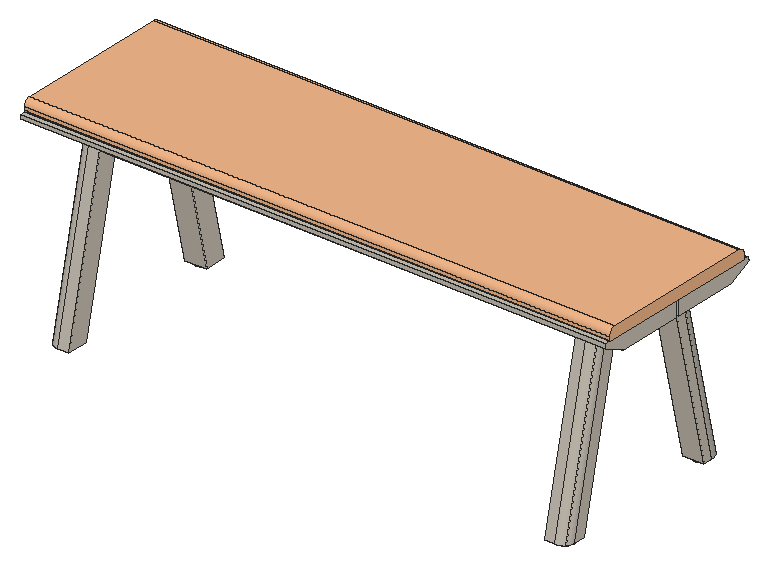
Revit family "Haworth_BuzziPicNic_Bench", category Furniture, Revit 2018
Family settings
  OmniClass Number = 23.40.20.00
  OmniClass Title = General Furniture and Specialties
  Work Plane-Based = No
  Always vertical = Yes
  Cut with Voids When Loaded = No
  Shared = No
  Room Calculation Point = No
Parameters (values of type "HCBZ-PNB2-W")
  Warranty = "http://www.haworth.com/resources/product-info/warranties"
  Upholstery Finish [instance] = Haworth _ Fabric _ Trevira CS _ Yellow BCS-3008
  URL - Product = "https://www.haworth.com/products/seating/lounge-sofas-benches/buzzipicnic"
  URL = "http://www.haworth.com/our-brands/haworth-collection"
  Small = no
  Revision = "1"  # constant formula
  Note = "Verify Final Dim. w/ Haworth"  # constant formula
  Model = "HCBZ-PNB"  # constant formula
  Manufacturer = "Haworth"  # constant formula
  Large = not(Small)  # yes
  Keynote = ""
  Glide Finish = Haworth _ Polymer _ Black
  Description = "Haworth BuzziPicNic - Large Bench"
  Cushion = yes
  Base Finish [instance] = Haworth _ Wood _ Natural Ash BAS-NAT
  Author = "Haworth (Abd Rahman)"  # constant formula
  Assembly Code = "E2020200"
  Actual Width = if(Small, 45 169/256", 53 69/128")  # 53 69/128"
  Actual Height = 17 77/128"  # constant formula
  Actual Depth = 17 205/256"  # constant formula
Types (3): name | Small | Large | Description | Actual Width
  (no name) | no | yes | "Haworth BuzziPicNic - Large Bench" | 53 69/128"
  HCBZ-PNB1-W | yes | no | "Haworth BuzziPicNic - Small Bench" | 45 169/256"
  HCBZ-PNB2-W | no | yes | "Haworth BuzziPicNic - Large Bench" | 53 69/128"
Reference planes (in)
  plane 1 "Center Front/Back": y = 0
  plane 2: z = 0
  plane 3 "Center Left/Right": x = 20.90998
  plane 4 "Back": y = 8.90039
  plane 5 "Front": y = -8.90039
  plane 6: x = 47.67951
  plane 7: x = -5.85955
  plane 8: z = 17.60156
  plane 9: z = 0.11905
  plane 10: z = 16.2518
  plane 11: z = 14.94323
  plane 12: x = 42.6806
  plane 13: x = -0.85955
  plane 14: x = -1.86835
  plane 15: x = 43.68832
  plane 16: y = -7.79571
  plane 17: y = 7.79571
Forms (in)
  Extrusion 1, solid, material "Haworth _ Wood _ Natural Ash BAS-NAT" <- "Base Finish"
    sketch origin (-5.41339, -180, 0.39425) x (-1, 0, 0) y (0, -1, 0)
      loop
        line (-4.55384, -184.96802) -> (-4.55384, -183.66721) -> (-48.09399, -183.66721) -> (-48.09399, -184.96802) -> (-4.55384, -184.96802)
      loop
        line (-4.55384, -175.03198) -> (-48.09399, -175.03198) -> (-48.09399, -176.33279) -> (-4.55384, -176.33279) -> (-4.55384, -175.03198)
      loop
        line (-48.21909, -183.59851) -> (-48.21909, -176.33279) -> (-49.90654, -176.33279) -> (-49.90654, -183.59851) -> (-48.21909, -183.59851)
      loop
        line (-4.41933, -183.59851) -> (-2.72147, -183.59851) -> (-2.72147, -176.43581) -> (-4.41933, -176.43581) -> (-4.41933, -183.59851)
    from 14.54898 to 15.85754
  Blend 2, solid, material "Haworth _ Wood _ Natural Ash BAS-NAT" <- "Base Finish"
    base sketch origin (41.71622, 0, 0) x (-1, 0, 0) y (0, -1, 0)
      loop
        line (42.57577, 6.86644) -> (44.52345, 6.86644) -> (44.52345, 7.83988)
        arc (44.52345, 7.83988) -> (44.4486, 8.23292) -> (44.23453, 8.57095) r 1.06938
        arc (44.23453, 8.57095) -> (43.90758, 8.80131) -> (43.51603, 8.88284) r 0.98587
        line (43.51603, 8.88284) -> (42.57577, 8.88284) -> (42.57577, 6.86644)
    top sketch origin (41.71622, 0, 0) x (-1, 0, 0) y (0, -1, 0)
      loop
        line (42.57577, 3.11644) -> (44.52345, 3.11644) -> (44.52345, 4.08988)
        arc (44.52345, 4.08988) -> (44.4486, 4.48292) -> (44.23453, 4.82095) r 1.06938
        arc (44.23453, 4.82095) -> (43.90758, 5.05131) -> (43.51603, 5.13284) r 0.98587
        line (43.51603, 5.13284) -> (42.57577, 5.13284) -> (42.57577, 3.11644)
    from 0.11905 to 16.2518
  Blend 3, solid, material "Haworth _ Wood _ Natural Ash BAS-NAT" <- "Base Finish"
    base sketch origin (0, 0, 0) x (1, 0, 0) y (0, 1, 0)
      loop
        line (-5.85955, -0.15071) -> (-5.85955, -8.1498) -> (47.67951, -8.1498) -> (47.67951, -0.15071) -> (-5.85955, -0.15071)
    top sketch origin (0, 0, 0) x (1, 0, 0) y (0, 1, 0)
      loop
        line (47.67951, -8.1498) -> (47.67951, -0.15071) -> (-5.85955, -0.15071) -> (-5.85955, -8.1498) -> (47.67951, -8.1498)
    from 16.2518 to 17.60156
  Extrusion 4, void
    sketch origin (20.90998, 0, 0) x (0, 1, 0) y (0, 0, 1)
      loop
        line (-8.21621, 17.26667) -> (-8.21621, 16.09875) -> (-6.09797, 16.09875) -> (-6.09797, 16.25863) -> (-8.21621, 17.26667)
    from -29.47692 to 28.50799
  Blend 5, solid, material "Haworth _ Wood _ Natural Ash BAS-NAT" <- "Base Finish"
    base sketch origin (0, 0, 0) x (1, 0, 0) y (0, 1, 0)
      loop
        line (-5.85955, 0.15071) -> (47.67951, 0.15071) -> (47.67951, 8.1498) -> (-5.85955, 8.1498) -> (-5.85955, 0.15071)
    top sketch origin (0, 0, 0) x (1, 0, 0) y (0, 1, 0)
      loop
        line (47.67951, 8.1498) -> (-5.85955, 8.1498) -> (-5.85955, 0.15071) -> (47.67951, 0.15071) -> (47.67951, 8.1498)
    from 16.2518 to 17.60156
  Extrusion 6, void
    sketch origin (20.90998, 0, 0) x (0, -1, 0) y (0, 0, -1)
      loop
        line (-8.21621, -17.26667) -> (-6.09797, -16.25863) -> (-6.09797, -16.09875) -> (-8.21621, -16.09875) -> (-8.21621, -17.26667)
    from -29.47692 to 28.50799
  Blend 7, solid, material "Haworth _ Wood _ Natural Ash BAS-NAT" <- "Base Finish"
    base sketch origin (0.10483, 0, 0) x (1, 0, 0) y (0, 1, 0)
      loop
        line (42.57577, -6.86644) -> (42.57577, -8.88284) -> (43.51603, -8.88284)
        arc (43.51603, -8.88284) -> (43.90758, -8.80131) -> (44.23453, -8.57095) r 0.98587
        arc (44.23453, -8.57095) -> (44.4486, -8.23292) -> (44.52345, -7.83988) r 1.06938
        line (44.52345, -7.83988) -> (44.52345, -6.86644) -> (42.57577, -6.86644)
    top sketch origin (0.10483, 0, 0) x (1, 0, 0) y (0, 1, 0)
      loop
        line (42.57577, -3.11644) -> (42.57577, -5.13284) -> (43.51603, -5.13284)
        arc (43.51603, -5.13284) -> (43.90758, -5.05131) -> (44.23453, -4.82095) r 0.98587
        arc (44.23453, -4.82095) -> (44.4486, -4.48292) -> (44.52345, -4.08988) r 1.06938
        line (44.52345, -4.08988) -> (44.52345, -3.11644) -> (42.57577, -3.11644)
    from 0.11905 to 16.2518
  Blend 8, solid, material "Haworth _ Wood _ Natural Ash BAS-NAT" <- "Base Finish"
    base sketch origin (41.71622, 0, 0) x (-1, 0, 0) y (0, -1, 0)
      loop
        line (42.57577, -6.86644) -> (42.57577, -8.88284) -> (43.51603, -8.88284)
        arc (43.51603, -8.88284) -> (43.90758, -8.80131) -> (44.23453, -8.57095) r 0.98587
        arc (44.23453, -8.57095) -> (44.4486, -8.23292) -> (44.52345, -7.83988) r 1.06938
        line (44.52345, -7.83988) -> (44.52345, -6.86644) -> (42.57577, -6.86644)
    top sketch origin (41.71622, 0, 0) x (-1, 0, 0) y (0, -1, 0)
      loop
        line (42.57577, -3.11644) -> (42.57577, -5.13284) -> (43.51603, -5.13284)
        arc (43.51603, -5.13284) -> (43.90758, -5.05131) -> (44.23453, -4.82095) r 0.98587
        arc (44.23453, -4.82095) -> (44.4486, -4.48292) -> (44.52345, -4.08988) r 1.06938
        line (44.52345, -4.08988) -> (44.52345, -3.11644) -> (42.57577, -3.11644)
    from 0.11905 to 16.2518
  Blend 9, solid, material "Haworth _ Wood _ Natural Ash BAS-NAT" <- "Base Finish"
    base sketch origin (0.10483, 0, 0) x (1, 0, 0) y (0, 1, 0)
      loop
        line (42.57577, 6.86644) -> (44.52345, 6.86644) -> (44.52345, 7.83988)
        arc (44.52345, 7.83988) -> (44.4486, 8.23292) -> (44.23453, 8.57095) r 1.06938
        arc (44.23453, 8.57095) -> (43.90758, 8.80131) -> (43.51603, 8.88284) r 0.98587
        line (43.51603, 8.88284) -> (42.57577, 8.88284) -> (42.57577, 6.86644)
    top sketch origin (0.10483, 0, 0) x (1, 0, 0) y (0, 1, 0)
      loop
        line (42.57577, 3.11644) -> (44.52345, 3.11644) -> (44.52345, 4.08988)
        arc (44.52345, 4.08988) -> (44.4486, 4.48292) -> (44.23453, 4.82095) r 1.06938
        arc (44.23453, 4.82095) -> (43.90758, 5.05131) -> (43.51603, 5.13284) r 0.98587
        line (43.51603, 5.13284) -> (42.57577, 5.13284) -> (42.57577, 3.11644)
    from 0.11905 to 16.2518
  Sweep 10, solid, material "Haworth _ Fabric _ Trevira CS _ Yellow BCS-3008" <- "Upholstery Finish", visible <- "Cushion"
    path origin (0, 0, 0) x (1, 0, 0) y (0, 1, 0)
      loop
        line (47.67951, 0) -> (-5.85955, 0)
    profile origin (20.90998, 0, 0) x (0, -1, 0) y (0, 0, 1)
      loop
        arc (-7.06986, 18.60588) -> (-7.49422, 18.4301) -> (-7.67, 18.00574) r 0.60014
        line (-7.67, 18.00574) -> (-7.67, 17.66656)
        arc (-7.67, 17.66656) -> (-7.65005, 17.6184) -> (-7.60189, 17.59845) r 0.06811
        line (-7.60189, 17.59845) -> (7.60189, 17.59845)
        arc (7.60189, 17.59845) -> (7.65005, 17.6184) -> (7.67, 17.66656) r 0.06811
        line (7.67, 17.66656) -> (7.67, 18.00574)
        arc (7.67, 18.00574) -> (7.49422, 18.4301) -> (7.06986, 18.60588) r 0.60014
        line (7.06986, 18.60588) -> (-7.06986, 18.60588)
  Extrusion 11, solid, material "Haworth _ Polymer _ Black" <- "Glide Finish"
    sketch origin (0, 0, 0) x (1, 0, 0) y (0, 1, 0)
      loop
        circle (43.68832, -7.79571) r 0.84009
      loop
        circle (43.68832, 7.79571) r 0.84009
      loop
        circle (-1.86835, -7.79571) r 0.84009
      loop
        circle (-1.86835, 7.79571) r 0.84009
    from 0 to 0.11905
Cuts and joins
  Extrusion 4, Extrusion 6 cuts Blend 3
  Extrusion 6 cuts Blend 5
  joined: Extrusion 1, Blend 2, Blend 3, Blend 5, Blend 7, Blend 8, Blend 9
Lines and regions (in)
  Masking region 1
    outline origin (0, 0, 0) x (1, 0, 0) y (0, 1, 0)
      loop
        line (-5.85955, -8.1498) -> (47.67951, -8.1498) -> (47.67951, -0.15071) -> (-5.85955, -0.15071) -> (-5.85955, -8.1498)
      loop
        line (-5.85955, 0.15071) -> (47.67951, 0.15071) -> (47.67951, 8.1498) -> (-5.85955, 8.1498) -> (-5.85955, 0.15071)
  symbolic lines, visible <- "Cushion"
    curve 1: line (-5.85955, 7.67, 0) -> (47.67951, 7.67, 0)
    curve 2: line (47.67951, 7.67, 0) -> (47.67951, -7.67, 0)
    curve 3: line (47.67951, -7.67, 0) -> (-5.85955, -7.60189, 0)
    curve 4: line (-5.85955, -7.60189, 0) -> (-5.85955, 7.67, 0)
Dimensions and locks (in)
  equal spacing: plane 4 "Back", plane 1 "Center Front/Back", plane 5 "Front"
  "Actual Depth": plane 4 "Back" to plane 5 "Front"
  equal spacing: plane 7, plane 3 "Center Left/Right", plane 6
  "Actual Width": plane 7 to plane 6
  "Actual Height": plane 8 to plane 2
  locked: plane 12 to plane 6 at 4.99891
  locked: plane 7 to plane 13 at 5
  cut or joined group of Extrusion 1, Blend 2, Blend 3, Extrusion 4, Blend 5, Extrusion 6, Blend 7, Blend 8, Blend 9 to cut or joined group of Extrusion 1, Blend 2, Blend 3, Extrusion 4, Blend 5, Extrusion 6, Blend 7, Blend 8, Blend 9 to plane 13 = 1.69786" locked, 0.1345" locked
  plane 12 to cut or joined group of Extrusion 1, Blend 2, Blend 3, Extrusion 4, Blend 5, Extrusion 6, Blend 7, Blend 8, Blend 9 to cut or joined group of Extrusion 1, Blend 2, Blend 3, Extrusion 4, Blend 5, Extrusion 6, Blend 7, Blend 8, Blend 9 = 0.1251" locked, 1.68745" locked
  Extrusion 1 sketch curve to Extrusion 1 sketch curve to plane 5 "Front" = 1.30081" locked, 3.93237" locked
  Extrusion 1 sketch curve to Extrusion 1 sketch curve to plane 4 "Back" = 1.30081" locked, 3.93237" locked
  locked: plane 7 to plane 14 at 3.9912
  locked: plane 15 to plane 6 at 3.9912
  locked: plane 4 "Back" to plane 17 at 1.10468
  locked: plane 5 "Front" to plane 16 at 1.10468
  locked: plane 5 "Front" to Blend 7 sketch curve at 2.03395
  plane 5 "Front" to Blend 7 sketch curve to Blend 7 sketch curve = 3.76755" locked, 2.0164" locked
  Blend 9 sketch curve to Blend 9 sketch curve to plane 4 "Back" = 2.0164" locked, 0.01755" locked
  Blend 9 sketch curve to Blend 9 sketch curve to plane 4 "Back" = 2.0164" locked, 3.76755" locked
  plane 7 to Blend 8 sketch curve to Blend 8 sketch curve = 3.05231" locked, 1.94769" locked  (x2)
  plane 4 "Back" to Blend 8 sketch curve to Blend 8 sketch curve = 0.01755" locked, 2.0164" locked
  Blend 8 sketch curve to Blend 8 sketch curve to plane 4 "Back" = 2.0164" locked, 3.76755" locked
  plane 7 to Blend 2 sketch curve to Blend 2 sketch curve = 3.05231" locked, 1.94769" locked  (x2)
  Blend 2 sketch curve to Blend 2 sketch curve to plane 5 "Front" = 2.0164" locked, 0.01755" locked
  Blend 2 sketch curve to Blend 2 sketch curve to plane 5 "Front" = 2.0164" locked, 3.76755" locked
  plane 8 to plane 10 to plane 11 = 1.34977" locked, 1.30856" locked
  aligned and locked: level to plane 2
  aligned and locked: Extrusion 1 to plane 10
  aligned and locked: plane 11 to Extrusion 1
  aligned and locked: cut or joined group of Extrusion 1, Blend 2, Blend 3, Extrusion 4, Blend 5, Extrusion 6, Blend 7, Blend 8, Blend 9 to plane 6  (x2)
  aligned and locked: plane 7 to cut or joined group of Extrusion 1, Blend 2, Blend 3, Extrusion 4, Blend 5, Extrusion 6, Blend 7, Blend 8, Blend 9  (x2)
  aligned and locked: Extrusion 1 to plane 13  (x2)
  aligned and locked: Extrusion 1 to plane 12  (x2)
  aligned and locked: Blend 2 to plane 10
  aligned and locked: plane 9 to Blend 2
  aligned and locked: plane 13 to Blend 8
  aligned and locked: plane 13 to Blend 2
  aligned and locked: plane 12 to Blend 9
  aligned and locked: plane 12 to Blend 7
  aligned and locked: plane 6 to Sweep 10 sketch curve
  aligned and locked: plane 7 to Sweep 10 sketch curve
  aligned and locked: plane 10 to cut or joined group of Extrusion 1, Blend 2, Blend 3, Extrusion 4, Blend 5, Extrusion 6, Blend 7, Blend 8, Blend 9  (x3)
  aligned and locked: plane 8 to cut or joined group of Extrusion 1, Blend 2, Blend 3, Extrusion 4, Blend 5, Extrusion 6, Blend 7, Blend 8, Blend 9  (x2)
  aligned and locked: plane 12 to cut or joined group of Extrusion 1, Blend 2, Blend 3, Extrusion 4, Blend 5, Extrusion 6, Blend 7, Blend 8, Blend 9  (x11)
  aligned and locked: plane 13 to cut or joined group of Extrusion 1, Blend 2, Blend 3, Extrusion 4, Blend 5, Extrusion 6, Blend 7, Blend 8, Blend 9  (x6)
  aligned and locked: cut or joined group of Extrusion 1, Blend 2, Blend 3, Extrusion 4, Blend 5, Extrusion 6, Blend 7, Blend 8, Blend 9 to plane 10  (x6)
  aligned and locked: plane 9 to cut or joined group of Extrusion 1, Blend 2, Blend 3, Extrusion 4, Blend 5, Extrusion 6, Blend 7, Blend 8, Blend 9  (x3)
  aligned and locked: plane 11 to cut or joined group of Extrusion 1, Blend 2, Blend 3, Extrusion 4, Blend 5, Extrusion 6, Blend 7, Blend 8, Blend 9
  aligned and locked: Extrusion 11 to plane 2
  aligned and locked: Extrusion 11 to plane 9
  aligned and locked: plane 13 to Extrusion 1 sketch curve
  aligned and locked: Extrusion 1 sketch curve to plane 13
  aligned and locked: Extrusion 1 sketch curve to plane 12
  aligned and locked: plane 12 to Extrusion 1 sketch curve
  aligned and locked: plane 15 to Extrusion 11 sketch curve  (x2)
  aligned and locked: plane 14 to Extrusion 11 sketch curve  (x2)
  aligned and locked: plane 16 to Extrusion 11 sketch curve  (x2)
  aligned and locked: plane 17 to Extrusion 11 sketch curve  (x2)
  aligned and locked: Blend 7 sketch curve to plane 12  (x2)
  aligned and locked: plane 12 to Blend 9 sketch curve  (x2)
Automatic sketch dimensions
  plane 13 to Blend 2 sketch curve = 0.8783"  (x2)
  Blend 2 sketch curve to Blend 2 sketch curve = 0.06095"  (x2)
  plane 13 to Blend 2 sketch curve = 0.94026"  (x2)
  Blend 2 sketch curve to Blend 2 sketch curve = 0.05709"  (x2)
  Blend 2 sketch curve to Blend 2 sketch curve = 0.97343"  (x2)
  Blend 3 sketch curve to plane 7 = 0"  (x2)
  Blend 3 sketch curve to plane 6 = 0"  (x2)
  Blend 3 sketch curve to plane 5 "Front" = 0.7506"  (x2)
  plane 1 "Center Front/Back" to Blend 3 sketch curve = 0.15071"  (x2)
  plane 10 to Extrusion 4 sketch curve = 0.15304"
  Extrusion 4 sketch curve to plane 5 "Front" = 0.68418"
  Extrusion 4 sketch curve to Extrusion 4 sketch curve = 2.11824"
  Extrusion 4 sketch curve to plane 10 = 0.00684"
  Extrusion 4 sketch curve to plane 8 = 0.33489"
  Blend 5 sketch curve to plane 7 = 0"  (x2)
  Blend 5 sketch curve to plane 6 = 0"  (x2)
  plane 4 "Back" to Blend 5 sketch curve = 0.7506"  (x2)
  plane 1 "Center Front/Back" to Blend 5 sketch curve = 0.15071"  (x2)
  Extrusion 6 sketch curve to plane 10 = 0.15304"
  plane 4 "Back" to Extrusion 6 sketch curve = 0.68418"
  Extrusion 6 sketch curve to Extrusion 6 sketch curve = 2.11824"
  plane 10 to Extrusion 6 sketch curve = 0.00684"
  plane 8 to Extrusion 6 sketch curve = 0.33489"
  Blend 7 sketch curve to plane 12 = 0.8783"  (x2)
  Blend 7 sketch curve to Blend 7 sketch curve = 0.06095"  (x2)
  Blend 7 sketch curve to plane 5 "Front" = 0.01755"
  Blend 7 sketch curve to plane 12 = 0.94026"  (x2)
  Blend 7 sketch curve to Blend 7 sketch curve = 1.00844"  (x2)
  Blend 7 sketch curve to Blend 7 sketch curve = 0.05709"  (x2)
  Blend 7 sketch curve to Blend 7 sketch curve = 0.97343"  (x2)
  Blend 8 sketch curve to plane 13 = 0.8783"  (x2)
  Blend 8 sketch curve to Blend 8 sketch curve = 0.06095"  (x2)
  Blend 8 sketch curve to plane 13 = 0.94026"  (x2)
  Blend 8 sketch curve to Blend 8 sketch curve = 0.05709"  (x2)
  Blend 8 sketch curve to Blend 8 sketch curve = 0.97343"  (x2)
  plane 12 to Blend 9 sketch curve = 0.8783"  (x2)
  Blend 9 sketch curve to Blend 9 sketch curve = 0.06095"  (x2)
  plane 12 to Blend 9 sketch curve = 0.94026"  (x2)
  Blend 9 sketch curve to Blend 9 sketch curve = 0.05709"  (x2)
  Blend 9 sketch curve to Blend 9 sketch curve = 0.97343"  (x2)
  Blend 9 sketch curve to Blend 9 sketch curve = 1.00844"  (x2)
  Sweep 10 sketch curve to plane 1 "Center Front/Back" = 0"
  profile plane to Sweep 10 sketch curve = 7.67"
  Sweep 10 sketch curve to Sweep 10 sketch curve = 0.06811"  (x2)
  Sweep 10 sketch curve to profile plane = 7.06986"
  Sweep 10 sketch curve to Sweep 10 sketch curve = 0.53203"
  level to Sweep 10 sketch curve = 17.59845"
  Sweep 10 sketch curve to Sweep 10 sketch curve = 0.33918"  (x2)
  Masking region 1 sketch curve to plane 7 = 0"  (x2)
  Masking region 1 sketch curve to plane 5 "Front" = 0.7506"
  plane 1 "Center Front/Back" to Masking region 1 sketch curve = 0.15071"
  Masking region 1 sketch curve to plane 1 "Center Front/Back" = 0.15071"
  Masking region 1 sketch curve to plane 4 "Back" = 0.7506"
  Masking region 1 sketch curve to plane 6 = 0"  (x2)
  curve 4 to plane 7 = 0"
  curve 3 to plane 6 = 0"
  curve 3 to plane 5 "Front" = 1.23039"
  curve 2 to plane 4 "Back" = 1.23039"
  curve 3 to plane 5 "Front" = 1.2985"
  Extrusion 1 sketch curve to plane 12 = 0.1251"
  Extrusion 1 sketch curve to Extrusion 1 sketch curve = 1.68745"
  Extrusion 1 sketch curve to plane 13 = 0.1345"
  Extrusion 1 sketch curve to Extrusion 1 sketch curve = 1.69786"
  Extrusion 1 sketch curve to Extrusion 1 sketch curve = 0.06871"  (x2)
  Extrusion 1 sketch curve to Extrusion 1 sketch curve = 0.10303"
  Extrusion 1 sketch curve to Extrusion 1 sketch curve = 0"
  radius of Extrusion 11 sketch curve = 0.84009"  (x4)
